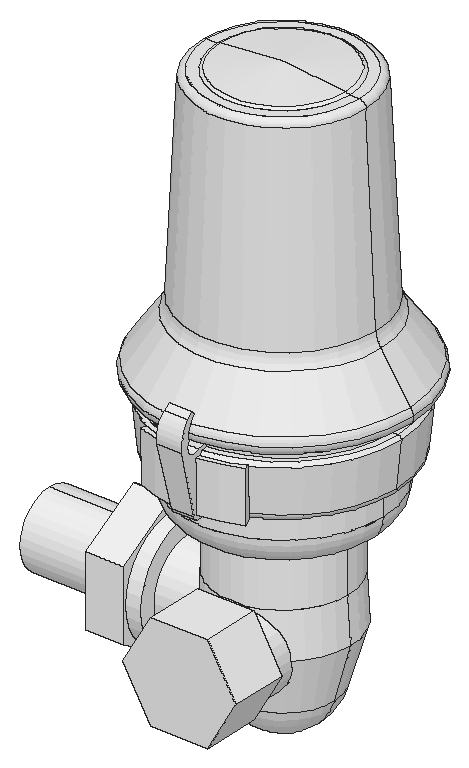
Revit family "1RA-DV_Double Angle_Right_DN10-15_RAW_RFA", category Pipe Accessories, Revit 2019
Family settings
  Round Connector Dimension = Use Diameter
  Part Type = Valve - Breaks Into
  OmniClass Number = 23.65.55.14.17
  OmniClass Title = Adjusting/Controlling Valves for Liquid Services
  Work Plane-Based = No
  Always vertical = Yes
  Cut with Voids When Loaded = No
  Shared = No
Parameters (values of type "RA-DV_Double Angle_Right_DN10_RAW_013G7717")
  Weight = 0.28 kg
  WB = 32.02 mm
  W [instance] = 61.02 mm
  Valve Body Material = Danfoss Nickel Plated Brass
  URL = "https://store.danfoss.com/en/Climate-Solutions-for-heating/Radiator-Thermostats/Radiator-Valves/Build-on-valves/c/6148?q=%3Arelevance%3Adanfoss_producttypehierarchydesc%3A5e0f6a1c7ba194dddd1f6958eb9630b89b1225a0&page=0&pageSize=20"
  TH8 = 3.85 mm
  TH7 = 3.75 mm
  TH6 = 13.324 mm
  TH5 = 1.826 mm
  TH4 = 7.354 mm
  TH3 = 6.008 mm
  TH2 = 5 mm
  TH1 = 9.942 mm
  Setting Range = "1-7,N"  # constant formula
  SA2 = 27 mm
  SA1 = 33.3 mm
  RT5 = 14.5 mm
  RT1 = 15.024 mm
  RR8 = 1 mm
  RR6 = 9.95 mm
  RR5 = 8.25 mm
  RR4 = 11.425 mm
  RR1 = 10.3 mm
  RR7 = 5.774 mm
  RL4 = 8.3 mm
  RL2 = 13.2 mm
  RL1 = 9.75 mm
  RB2 = 12.006 mm
  RB1 = 11.5 mm
  Pressure Drop [instance] = 0.0 Pa
  Model Type = "RA-DV_Double Angle_Right_DN10_RAW"
  Model = "013G7717"
  Min Working Temperature = "2° C"  # constant formula
  Min Flow = "8 l/h"  # constant formula
  Min Differential Pressure = "0.1 bar"  # constant formula
  Max Working Temperature = "95° C"  # constant formula
  Max Operating Pressure = "10 bar"  # constant formula
  Max Flow = "110 l/h"  # constant formula
  Max Differential Pressure = "0.6 bar"  # constant formula
  Manufacturer = "Danfoss"  # constant formula
  LR2 = 13.033 mm
  LR1 = 15.967 mm
  LOD 350 = not(LOD 200)  # yes
  LOD 200 = no
  LL4 = 18.8 mm
  LL3 = 8.5 mm
  LL2 = 3.6 mm
  LL1 = 21.2 mm
  L [instance] = 81.1 mm
  IfcExportType = "RA-DV"  # constant formula
  IfcExportAs = "IfcValveType"  # constant formula
  HexR2 = 12.5 mm
  HexR1 = 15.6 mm
  Hex2 = 21.7 mm
  Hex = 27 mm
  H [instance] = 132.954 mm
  Flow [instance] = 0.0 L/s
  Description = "Thermostatic Radiator Valve"  # constant formula
  D = 10 mm
  BH2 = 8.731 mm
  BH1 = 12.273 mm
  Application = "2-Pipe System"  # constant formula
Types (3, lengths in mm): name | Weight | WB | W | SA2 | SA1 | RL4 | RL2 | RL1 | Model Type | Model | LR2 | LR1 | LL4 | LL3 | LL2 | LL1 | L | HexR2 | HexR1 | Hex2 | Hex | D
  (no name) | 0.28 kg | 32.02 | 61.02 | 27 | 33.3 | 8.3 | 13.2 | 9.75 | "RA-DV_Double Angle_Right_DN10_RAW" | "013G7717" | 13.033 | 15.967 | 18.8 | 8.5 | 3.6 | 21.2 | 81.1 | 12.5 | 15.6 | 21.7 | 27 | 10
  RA-DV_Double Angle_Right_DN10_RAW_013G7717 | 0.28 kg | 32.02 | 61.02 | 27 | 33.3 | 8.3 | 13.2 | 9.75 | "RA-DV_Double Angle_Right_DN10_RAW" | "013G7717" | 13.033 | 15.967 | 18.8 | 8.5 | 3.6 | 21.2 | 81.1 | 12.5 | 15.6 | 21.7 | 27 | 10
  RA-DV_Double Angle_Right_DN15_RAW_013G7719 | 0.33 kg | 33 | 62 | 33 | 36.7 | 10.5 | 14.8 | 11.3 | "RA-DV_Double Angle_Right_DN15_RAW" | "013G7719" | 15 | 18 | 21.2 | 10 | 3.7 | 23 | 86.9 | 15.4 | 17.3 | 26.7 | 30 | 15
Reference planes
  plane 1 "Center (Front/Back)": y = 0
  plane 2: z = 0
  plane 3 "Center (Left/Right)": x = 0
  plane 4: x = -52.1
  plane 5: y = -29
  plane 6: z = 51.054
  plane 7: z = -21.004
  plane 8: x = -33.3
  plane 9 "left": x = -24.8
  plane 10: x = -21.2
  plane 11 "right": y = -15.967
  plane 12: z = 47.204
  plane 13: z = 43.454
  plane 14: z = 30.13
  plane 15: z = 28.304
  plane 16 "top": z = 20.95
  plane 17: z = 14.942
  plane 18: z = 9.942
  plane 19: z = -12.273
  plane 20 "Center L/S": z = 111.95
  plane 21: y = 29
  plane 22: x = 29
  plane 23: y = -32.02
Forms (mm)
  Revolve 1, solid, material "Danfoss Nickel Plated Brass" <- "Valve Body Material", detail levels fine
    sketch origin (0, 0, 0) x (1, 0, 0) y (0, 0, 1)
      loop
        line (-52.1, 8.3) -> (-52.1, 0) -> (-24.8, 0) -> (-24.8, 8.3) -> (-52.1, 8.3)
      axis (-24.8, 0) -> (-52.1, 0)
    angle from 0 to 360
  Revolve 2, solid, material "Danfoss Nickel Plated Brass" <- "Valve Body Material", visible <- "LOD 350", detail levels fine
    sketch origin (0, 0, 0) x (1, 0, 0) y (0, 0, 1)
      loop
        line (-24.8, 13.2) -> (-24.8, 0) -> (-21.2, 0) -> (-21.2, 13.2) -> (-24.8, 13.2)
      axis (-21.2, 0) -> (-24.8, 0)
    angle from 0 to 360
  Revolve 3, solid, material "Danfoss Nickel Plated Brass" <- "Valve Body Material", visible <- "LOD 200", detail levels fine
    sketch origin (0, 0, 0) x (1, 0, 0) y (0, 0, 1)
      loop
        line (-33.3, 15.6) -> (-33.3, 0) -> (-24.8, 0) -> (-24.8, 15.6) -> (-33.3, 15.6)
      axis (-24.8, 0) -> (-33.3, 0)
    angle from 0 to 360
  Revolve 4, solid, material "Danfoss Nickel Plated Brass" <- "Valve Body Material", detail levels fine
    sketch origin (0, 0, 0) x (1, 0, 0) y (0, 0, 1)
      loop
        line (-24.8, 0) -> (0, 0) -> (0, 9.75) -> (-24.8, 9.75) -> (-24.8, 0)
      axis (0, 0) -> (-24.8, 0)
    angle from 0 to 360
  Revolve 5, solid, material "Danfoss Nickel Plated Brass" <- "Valve Body Material", detail levels fine
    sketch origin (0, 0, 0) x (1, 0, 0) y (0, 0, 1)
      loop
        line (0, 20.95) -> (0, -21.004)
        arc (0, -21.004) -> (7.209, -18.561) -> (11.5, -12.273) r 12.006
        line (11.5, -12.273) -> (15.024, 0) -> (14.5, 10) -> (14.5, 20.95) -> (0, 20.95)
      axis (0, -21.004) -> (0, 20.95)
    angle from 0 to 360
  Revolve 6, solid, material "Danfoss Nickel Plated Brass" <- "Valve Body Material", detail levels fine
    sketch origin (0, 0, 0) x (0, 1, 0) y (0, 0, 1)
      loop
        line (0, 10.3) -> (-15.967, 10.3) -> (-15.967, 0) -> (0, 0) -> (0, 10.3)
      axis (0, 0) -> (-15.967, 0)
    angle from 0 to 360
  Revolve 7, solid, material "Danfoss Nickel Plated Brass" <- "Valve Body Material", visible <- "LOD 200", detail levels fine
    sketch origin (0, 0, 0) x (0, 1, 0) y (0, 0, 1)
      loop
        line (-15.967, 12.5) -> (-29, 12.5) -> (-29, 0) -> (-15.967, 0) -> (-15.967, 12.5)
      axis (-15.967, 0) -> (-29, 0)
    angle from 0 to 360
  Revolve 8, solid, material "Danfoss Brass", detail levels fine
    sketch origin (0, 0, 0) x (1, 0, 0) y (0, 0, 1)
      loop
        line (0, 20.95) -> (11.425, 20.95) -> (11.425, 28.304) -> (8.25, 28.304) -> (8.25, 30.13) -> (9.95, 30.13) -> (9.95, 43.454) -> (5.774, 43.454) -> (5.774, 47.204) -> (1, 47.204) -> (1, 51.054) -> (0, 51.054) -> (0, 20.95)
      axis (0, 20.95) -> (0, 51.054)
    angle from 0 to 360
  Extrusion 9, solid, material "Danfoss Nickel Plated Brass" <- "Valve Body Material", visible <- "LOD 350", detail levels fine
    sketch origin (0, 0, 0) x (1, 0, 0) y (0, 0, 1)
      loop
        line (0, 0) -> (-24.8, 0) -> (-24.8, -0.957) -> (-10.199, -17.458)
        arc (-10.199, -17.458) -> (-6.04, -20.166) -> (-1.141, -20.959) r 12
        line (-1.141, -20.959) -> (0, -20.959) -> (0, 0)
    from -2 to 2
  Revolve 10, solid, material "Danfoss Nickel Plated Brass" <- "Valve Body Material", visible <- "LOD 200", detail levels fine
    sketch origin (0, 0, 0) x (1, 0, 0) y (0, 0, 1)
      loop
        line (0, 20.95) -> (0, -21.004)
        arc (0, -21.004) -> (10.624, -16.604) -> (15.024, -5.98) r 15.024
        line (15.024, -5.98) -> (15.024, 20.95) -> (0, 20.95)
      axis (0, 20.95) -> (0, -21.004)
    angle from 0 to 360
Dimensions and locks
  plane 6 to plane 7 = 72.058 mm
  "LR1": plane 1 "Center (Front/Back)" to plane 11 "right"
  "LR2": plane 11 "right" to plane 5
  "LL1": plane 3 "Center (Left/Right)" to plane 10
  "LL2": plane 10 to plane 9 "left"
  "LL3": plane 9 "left" to plane 8
  "LL4": plane 8 to plane 4
  "RL4": Revolve 1 sketch curve to level
  "RL2": Revolve 2 sketch curve to level
  "HexR1": Revolve 3 sketch curve to level
  "RL1": Revolve 4 sketch curve to level
  "TH1": plane 18 to level
  "TH2": plane 17 to plane 18
  "TH3": plane 16 "top" to plane 17
  "TH4": plane 15 to plane 16 "top"
  "TH5": plane 14 to plane 15
  "TH6": plane 13 to plane 14
  "TH7": plane 12 to plane 13
  "TH8": plane 6 to plane 12
  "BH1": level to plane 19
  "BH2": plane 19 to plane 7
  "RT5": Revolve 5 sketch curve to plane 3 "Center (Left/Right)"
  "RT1": Revolve 5 sketch curve to plane 3 "Center (Left/Right)"
  "RB1": Revolve 5 sketch curve to plane 3 "Center (Left/Right)"
  "RR1": Revolve 6 sketch curve to level
  "HexR2": Revolve 7 sketch curve to level
  "RR8": Revolve 8 sketch curve to plane 3 "Center (Left/Right)"
  "RR7": Revolve 8 sketch curve to plane 3 "Center (Left/Right)"
  "RR6": Revolve 8 sketch curve to plane 3 "Center (Left/Right)"
  "RR5": Revolve 8 sketch curve to plane 3 "Center (Left/Right)"
  "RR4": Revolve 8 sketch curve to plane 3 "Center (Left/Right)"
  locked: plane 20 "Center L/S" to plane 16 "top" at 91
  "H": plane 20 "Center L/S" to plane 7
  locked: plane 3 "Center (Left/Right)" to plane 22 at 29
  locked: plane 1 "Center (Front/Back)" to plane 21 at 29
  "RT1": Revolve 10 sketch curve to plane 7
  "RT1": Revolve 10 sketch curve to plane 3 "Center (Left/Right)"
  "L": plane 22 to plane 4
  "WB": plane 23 to plane 1 "Center (Front/Back)"
  "W": plane 21 to plane 23
  "RB2": radius of Revolve 5 sketch curve
  "RT1": radius of Revolve 10 sketch curve
  aligned and locked: level to plane 2
  aligned and locked: plane 4 to Revolve 1 sketch curve
  aligned and locked: level to Revolve 1 sketch curve
  aligned and locked: plane 2 to Revolve 1 sketch curve
  aligned and locked: plane 9 "left" to Revolve 2 sketch curve
  aligned and locked: Revolve 2 sketch curve to plane 10
  aligned and locked: level to Revolve 2 sketch curve
  aligned and locked: plane 2 to Revolve 2 sketch curve
  aligned and locked: plane 8 to Revolve 3 sketch curve
  aligned and locked: Revolve 3 sketch curve to plane 9 "left"
  aligned and locked: level to Revolve 3 sketch curve
  aligned and locked: plane 2 to Revolve 3 sketch curve
  aligned and locked: plane 3 "Center (Left/Right)" to Revolve 4 sketch curve
  aligned and locked: Revolve 4 sketch curve to level
  aligned and locked: plane 2 to Revolve 4 sketch curve
  aligned and locked: Revolve 4 sketch curve to plane 9 "left"
  aligned and locked: Revolve 1 sketch curve to plane 9 "left"
  aligned and locked: plane 3 "Center (Left/Right)" to Revolve 5 sketch curve
  aligned and locked: Revolve 5 sketch curve to plane 3 "Center (Left/Right)"
  aligned and locked: plane 16 "top" to Revolve 5 sketch curve
  aligned and locked: plane 11 "right" to Revolve 6 sketch curve
  aligned and locked: plane 1 "Center (Front/Back)" to Revolve 6 sketch curve
  aligned and locked: level to Revolve 6 sketch curve  (x2)
  aligned and locked: plane 5 to Revolve 7 sketch curve
  aligned and locked: Revolve 7 sketch curve to plane 11 "right"
  aligned and locked: level to Revolve 7 sketch curve  (x2)
  aligned and locked: level to nested 1
  aligned and locked: level to nested 2
  aligned and locked: nested 2 to Revolve 4
  aligned and locked: plane 1 "Center (Front/Back)" to nested 1
  aligned and locked: plane 3 "Center (Left/Right)" to Revolve 8 sketch curve
  aligned and locked: Revolve 8 sketch curve to plane 6
  aligned and locked: Revolve 8 sketch curve to plane 12
  aligned and locked: Revolve 8 sketch curve to plane 13
  aligned and locked: Revolve 8 sketch curve to plane 14
  aligned and locked: Revolve 8 sketch curve to plane 15
  aligned and locked: Revolve 8 sketch curve to plane 16 "top"
  aligned and locked: plane 3 "Center (Left/Right)" to nested 3
  aligned and locked: plane 1 "Center (Front/Back)" to nested 3
  aligned and locked: Extrusion 9 sketch curve to plane 3 "Center (Left/Right)"
  aligned and locked: Extrusion 9 sketch curve to level
  aligned and locked: Extrusion 9 sketch curve to plane 9 "left"
  aligned and locked: plane 3 "Center (Left/Right)" to nested 4
  aligned and locked: plane 1 "Center (Front/Back)" to nested 4
  aligned and locked: Revolve 10 sketch curve to plane 3 "Center (Left/Right)"
  aligned and locked: Revolve 10 sketch curve to plane 16 "top"
  aligned and locked: nested 2 to Revolve 10 sketch curve
Automatic sketch dimensions
  plane 7 to Extrusion 9 sketch curve = 3.546 mm
  Extrusion 9 sketch curve to plane 3 "Center (Left/Right)" = 1.713 mm
  plane 19 to Extrusion 9 sketch curve = 3.3 mm
  Extrusion 9 sketch curve to level = 0.957 mm
  plane 7 to Extrusion 9 sketch curve = 0.045 mm
  Extrusion 9 sketch curve to plane 3 "Center (Left/Right)" = 1.141 mm
  Revolve 1 sketch curve to plane 4 = 35 mm
  Revolve 1 sketch curve to Revolve 1 sketch curve = 5 mm
  Revolve 2 sketch curve to plane 4 = 9.577 mm
  Revolve 2 sketch curve to Revolve 2 sketch curve = 5 mm
  Revolve 3 sketch curve to plane 4 = 12.192 mm
  Revolve 3 sketch curve to Revolve 3 sketch curve = 3.606 mm
  Revolve 4 sketch curve to plane 4 = 54.1 mm
  Revolve 4 sketch curve to Revolve 4 sketch curve = 6.623 mm
  Revolve 5 sketch curve to plane 7 = 0 mm
  Revolve 5 sketch curve to plane 19 = 0 mm
  level to Revolve 5 sketch curve = 0 mm
  plane 18 to Revolve 5 sketch curve = 0.058 mm
  plane 6 to Revolve 5 sketch curve = 25 mm
  Revolve 5 sketch curve to Revolve 5 sketch curve = 10 mm
  plane 21 to Revolve 6 sketch curve = 3.781 mm
  Revolve 6 sketch curve to Revolve 6 sketch curve = 5 mm
  Revolve 7 sketch curve to plane 23 = 10.746 mm
  Revolve 7 sketch curve to Revolve 7 sketch curve = 5 mm
  Revolve 8 sketch curve to plane 3 "Center (Left/Right)" = 0 mm
  Revolve 8 sketch curve to Revolve 8 sketch curve = 5 mm
  Revolve 8 sketch curve to Revolve 8 sketch curve = 3.788 mm
  Revolve 10 sketch curve to plane 7 = 4.595 mm
  Revolve 10 sketch curve to Revolve 10 sketch curve = 10 mm
Nested families
  nested 1: "Hexagon" at (-24.8, 0, 0) x (0, 0, 1) z (-1, 0, 0), h <- "LL3", a <- "Hex", visible <- "LOD 350", Body Material <- "Valve Body Material", type "Hexagon"
    with h 8.5 mm, b 13.5 mm, a 27 mm, Body Material Danfoss Nickel Plated Brass
  nested 2: "Hexagon" at (0, -15.967, 0) x (-1, 0, 0) z (0, -1, 0), h <- "LR2", a <- "Hex2", visible <- "LOD 350", Body Material <- "Valve Body Material", type "Hexagon"
    with h 13.033 mm, b 10.85 mm, a 21.7 mm, Body Material Danfoss Nickel Plated Brass
  nested 3: "RAW_RFA" at (0, 0, 20.95), type "RAW"
    with LOD 350 yes, LOD 200 no
  nested 4: "Double Angle Schematic" at (0, 0, 0), a <- "SA1", b <- "SA1", a' <- "SA2", l <- "SA1", type "Left"
    with l 33.3 mm, b 33.3 mm, a2 16.65 mm, a' 27 mm, a 33.3 mm
Connectors
  piping at (-33.3, 0, 0), diameter 10, driven by "D", driven by "Flow"
    settings: on nested 1, index 1, connector inside diameter 609.6 mm, connector length 0 mm, flow factor 0, pipe flow 0.0 L/s, pressure drop 0.0 Pa, fitting loss kfactor 0, connector angle 0.00°, fixture units 0, engagement length 0 mm, angle of deflection 0.00°, flow configuration 0, flow direction 0, fitting loss method 0, system type 29, joint type 0, gender type 0, connector reference index 2, connector utility 0, adjustable connector no, is connector primary yes, connector description ""
  piping at (0, -29, 0), diameter 10, driven by "D", driven by "Flow"
    settings: on nested 2, index 2, connector inside diameter 609.6 mm, connector length 0 mm, flow factor 0, pipe flow 0.0 L/s, pressure drop 0.0 Pa, fitting loss kfactor 0, connector angle 0.00°, fixture units 0, engagement length 0 mm, angle of deflection 0.00°, flow configuration 0, flow direction 0, fitting loss method 0, system type 29, joint type 0, gender type 0, connector reference index 1, connector utility 0, adjustable connector no, is connector primary no, connector description ""
Definition of nested family "Hexagon"
  Parameters (values of type "Hexagon")
    h [instance] = 4 mm
    b [instance] = a / 2  # 10 mm
    a [instance] = 20 mm
    Default Elevation = 1219.2 mm
    Body Material [instance] = none
  Reference planes
    plane 1 "Center (Front/Back)": y = 0
    plane 2: z = 0
    plane 3 "Center (Left/Right)": x = 0
    plane 4: z = 4
  Forms (mm)
    Extrusion 1, solid
      sketch origin (0, 0, 0) x (1, 0, 0) y (0, 1, 0)
        loop
          line (-1219.2, 1219.2) -> (-1219.2, -1219.2) -> (1219.2, -1219.2) -> (1219.2, 1219.2) -> (-1219.2, 1219.2)
      from 0 to -304.8
    Extrusion 2, solid, material <- "Body Material", detail levels fine
      sketch origin (0, 0, 0) x (1, 0, 0) y (0, 1, 0)
        loop
          line (5.774, 10) -> (-5.774, 10) -> (-11.547, 0) -> (-5.774, -10) -> (5.774, -10) -> (11.547, 0) -> (5.774, 10)
      from 0 to 4
  Lines and regions (mm)
    reference lines
      curve 1: line (125, -216.506, 0) -> (-125, 216.506, 0)
      curve 2: line (-125, -216.506, 0) -> (125, 216.506, 0)
  Dimensions and locks
    "h": plane 4 to level
    "b": curve 1 to Extrusion 2 sketch curve
    "b": Extrusion 2 sketch curve to curve 1
    "b": Extrusion 2 sketch curve to curve 2  (x2)
    "b": plane 1 "Center (Front/Back)" to Extrusion 2 sketch curve
    "b": Extrusion 2 sketch curve to plane 1 "Center (Front/Back)"
    aligned and locked: plane 2 to Extrusion 1
    aligned and locked: level to Extrusion 1
    aligned and locked: plane 4 to Extrusion 2
  Automatic sketch dimensions
    Extrusion 1 sketch curve to Extrusion 1 sketch curve = 2438.4 mm  (x2)
    curve 1 to plane 3 "Center (Left/Right)" = 125 mm
    plane 1 "Center (Front/Back)" to curve 2 = 216.506 mm
    curve 2 to plane 3 "Center (Left/Right)" = 125 mm
    plane 3 "Center (Left/Right)" to curve 2 = 125 mm
    plane 3 "Center (Left/Right)" to curve 1 = 125 mm
    plane 1 "Center (Front/Back)" to curve 1 = 216.506 mm
    curve 2 to plane 1 "Center (Front/Back)" = 216.506 mm
    curve 1 to plane 1 "Center (Front/Back)" = 216.506 mm
Definition of nested family "RAW_RFA"
  Parameters (values of type "RAW")
    Weight = 0.13 kg
    Valve Body Material = none
    URL = "https://store.danfoss.com/en/Climate-Solutions-for-heating/Radiator-Thermostats/Radiator-Sensors/Room-sensor-mTRV/c/6177?q=%3Arelevance%3Adanfoss_producttypehierarchydesc%3A201115c33653b28be0592795d2e896045ed3bb74&page=0&pageSize=10"
    Model Type = "RAW"  # constant formula
    Manufacturer = "Danfoss"  # constant formula
    LOD 350 [instance] = not(LOD 200)  # no
    LOD 200 [instance] = yes
    IfcExportType = "RAW"  # constant formula
    IfcExportAs = "IfcActuatorType"  # constant formula
    Description = "Radiator Sensor"  # constant formula
    Default Elevation = 0 mm
    Application = "Liquid Sensor"  # constant formula
  Reference planes
    plane 1 "Center (Front/Back)": y = 0
    plane 2: z = 0
    plane 3 "Center (Left/Right)": x = 0
    plane 4: x = -22.432
    plane 5: x = 22.432
  Forms (mm)
    Extrusion 1, solid
      sketch origin (0, 0, 0) x (1, 0, 0) y (0, 1, 0)
        loop
          line (-1219.2, 1219.2) -> (-1219.2, -1219.2) -> (1219.2, -1219.2) -> (1219.2, 1219.2) -> (-1219.2, 1219.2)
      from 0 to -304.8
    Revolve 2, solid, material <- "Valve Body Material", visible <- "LOD 350", detail levels fine
      sketch origin (0, 0, 0) x (1, 0, 0) y (0, 0, 1)
        loop
          line (-17.5, 1) -> (-13.65, 1) -> (-13.025, 0) -> (0, 0) -> (0, 90.667)
          arc (0, 90.667) -> (-7.022, 90.366) -> (-13.992, 89.465) r 82.007
          arc (-13.992, 89.465) -> (-14.414, 89.328) -> (-14.777, 89.074) r 1.5
          line (-14.777, 89.074) -> (-17.024, 89.074)
          arc (-17.024, 89.074) -> (-18.058, 88.661) -> (-18.522, 87.65) r 1.5
          line (-18.522, 87.65) -> (-20.73, 44.074)
          arc (-20.73, 44.074) -> (-21.047, 42.429) -> (-21.807, 40.936) r 6
          line (-21.807, 40.936) -> (-28.457, 31.439)
          arc (-28.457, 31.439) -> (-28.861, 30.62) -> (-29, 29.718) r 3
          arc (-29, 29.718) -> (-28.705, 28.618) -> (-27.9, 27.813) r 2.2
          line (-27.9, 27.813) -> (-26.188, 26.824) -> (-24.335, 26.824) -> (-24.335, 25.024) -> (-25.75, 25.024) -> (-26.495, 24.279) -> (-25.432, 14.168)
          arc (-25.432, 14.168) -> (-24.944, 13.21) -> (-23.941, 12.824) r 1.5
          line (-23.941, 12.824) -> (-22.5, 12.824) -> (-22.5, 7.5)
          arc (-22.5, 7.5) -> (-21.051, 3.441) -> (-17.5, 1) r 7
        axis (0, 0) -> (0, 90.667)
      angle from 0 to 360
    Revolve 3, solid, material <- "Valve Body Material", visible <- "LOD 200", detail levels fine
      sketch origin (0, 0, 0) x (1, 0, 0) y (0, 0, 1)
        loop
          line (-17.5, 1) -> (-13.65, 1) -> (-13.025, 0) -> (0, 0) -> (0, 90.665) -> (-18.468, 88.724) -> (-20.817, 42.35) -> (-28.457, 31.439) -> (-28.457, 28.271) -> (-24.356, 26.824) -> (-24.356, 7.856) -> (-17.5, 1)
        axis (0, 0) -> (0, 90.665)
      angle from 0 to 360
    Revolve 4, solid, material <- "Valve Body Material", visible <- "LOD 350", detail levels fine
      sketch origin (0, 0, 0) x (1, 0, 0) y (0, 0, 1)
        loop
          line (28.232, 12.689) -> (31.842, 27.031)
          arc (31.842, 27.031) -> (31.751, 30.259) -> (30, 32.972) r 6
          line (30, 32.972) -> (28.769, 34.063) -> (28.08, 33.374) -> (29.083, 32.111)
          arc (29.083, 32.111) -> (29.858, 30.477) -> (29.834, 28.669) r 4
          arc (29.834, 28.669) -> (29.511, 25.82) -> (26.647, 25.686) r 2.211
          line (26.647, 25.686) -> (23.5, 25.686) -> (23.5, 11.574) -> (26.803, 11.574)
          arc (26.803, 11.574) -> (27.709, 11.886) -> (28.232, 12.689) r 1.474
        axis (0, 11.574) -> (0, 34.063)
      angle from 265 to 275
    Revolve 5, solid, material <- "Valve Body Material", visible <- "LOD 350", detail levels fine
      sketch origin (0, 0, 0) x (1, 0, 0) y (0, 0, 1)
        loop
          line (23.5, 12.824) -> (27.481, 12.824) -> (27.683, 24.324) -> (23.5, 24.324) -> (23.5, 12.824)
        axis (0, 12.824) -> (0, 24.324)
      angle from 245 to 295
  Cuts and joins
    joined: Revolve 2, Revolve 5
  Dimensions and locks
    aligned and locked: plane 2 to Extrusion 1
    aligned and locked: level to Extrusion 1
    aligned and locked: plane 3 "Center (Left/Right)" to Revolve 2 sketch curve
Definition of nested family "Double Angle Schematic"
  Parameters (values of type "Left")
    l [instance] = 60 mm
    b [instance] = 70 mm
    a2 [instance] = b / 2  # 35 mm
    a' [instance] = 60 mm
    a [instance] = 60 mm
    Right = no
    Left = yes
  Types (3, lengths in mm): name | b | a2 | Right | Left
    (no name) | 70 | 35 | no | yes
    Right | 60 | 30 | yes | no
    Left | 70 | 35 | no | yes
  Reference planes
    plane 1 "Center (Front/Back)": y = 0
    plane 2: z = 0
    plane 3 "Center (Left/Right)": x = 0
    plane 4: z = -35
  Lines and regions (mm)
    symbolic lines
      curve 1: line (0, 0, -35) -> (0, 0, 0)
  Dimensions and locks
    "a2": level to plane 4
    aligned and locked: level to plane 2
    aligned and locked: nested 3 to plane 3 "Center (Left/Right)"
    aligned and locked: plane 3 "Center (Left/Right)" to nested 1
    aligned and locked: nested 2 to plane 3 "Center (Left/Right)"
    aligned and locked: nested 2 to plane 1 "Center (Front/Back)"
    aligned and locked: plane 3 "Center (Left/Right)" to nested 4
    aligned and locked: plane 1 "Center (Front/Back)" to nested 4
    aligned and locked: plane 3 "Center (Left/Right)" to nested 5
    aligned and locked: level to nested 5
    aligned and locked: level to nested 7
    aligned and locked: plane 1 "Center (Front/Back)" to nested 7
    aligned and locked: plane 3 "Center (Left/Right)" to curve 1
    aligned and locked: plane 2 to curve 1
    aligned and locked: plane 4 to curve 1
  Nested families
    nested 1: "Schematic_2" at (0, 0, 0) x (0, 1, 0) z (0, 0, 1), a <- "a", b <- "b", visible <- "Left", type "Schematic_2"
      with plan on/off yes, elevation on/off no, b 70 mm, a 60 mm
    nested 2: "Schematic_2" at (0, 0, 0) x (-1, 0, 0) z (0, 0, 1), a <- "a'", b <- "b", type "Schematic_2"
      with plan on/off yes, elevation on/off no, b 70 mm, a 60 mm
    nested 3: "Schematic_2" at (0, 0, 0) x (0, -1, 0) z (0, 0, 1), a <- "a", b <- "b", visible <- "Right", type "Schematic_2"
      with plan on/off yes, elevation on/off no, b 70 mm, a 60 mm
    nested 4: "Schematic_1" at (0, 0, 0), a <- "a", b <- "l", type "Schematic_1"
      with b 60 mm, a 60 mm, Plan no, Elevation yes
    nested 5: "Schematic_2" at (0, 0, 0) x (0, 0, 1) z (0, -1, 0), a <- "a'", b <- "b", type "Schematic_2"
      with plan on/off no, elevation on/off yes, b 70 mm, a 60 mm
    nested 6: "Schematic_2" at (0, 0, 0) x (0, 0, -1) z (1, 0, 0), a <- "a", b <- "b", visible <- "Right", type "Schematic_2"
      with plan on/off no, elevation on/off yes, b 70 mm, a 60 mm
    nested 7: "Schematic_2" at (0, 0, 0) x (0, 0, 1) z (-1, 0, 0), a <- "a", b <- "b", visible <- "Left", type "Schematic_2"
      with plan on/off no, elevation on/off yes, b 70 mm, a 60 mm
  Definition of nested family "Schematic_2"
    Parameters (values of type "Schematic_2")
      plan on/off [instance] = yes
      elevation on/off [instance] = yes
      b [instance] = 80 mm
      a [instance] = 80 mm
      Default Elevation = 1219.2 mm
    Reference planes
      plane 1 "Center (Front/Back)": y = 0
      plane 2: z = 0
      plane 3 "Center (Left/Right)": x = 0
      plane 4: y = 80
      plane 5: x = -40
      plane 6: x = 40
      plane 7: z = 80
    Lines and regions (mm)
      symbolic lines, visible <- "plan on/off", detail levels coarse+medium
        curve 1: line (-40, 80, 0) -> (40, 80, 0)
        curve 2: line (40, 80, 0) -> (0, 0, 0)
        curve 3: line (0, 0, 0) -> (-40, 80, 0)
      model lines, visible <- "elevation on/off", detail levels coarse+medium
        curve 4: line (-40, 0, 80) -> (40, 0, 80)
        curve 5: line (40, 0, 80) -> (0, 0, 0)
        curve 6: line (0, 0, 0) -> (-40, 0, 80)
    Dimensions and locks
      equal spacing: plane 5, plane 3 "Center (Left/Right)", plane 6
      "b": plane 5 to plane 6
      "a": plane 4 to plane 1 "Center (Front/Back)"
      "a": plane 7 to level
      aligned and locked: level to plane 2
    Automatic sketch dimensions
      curve 3 to plane 5 = 0 mm
      curve 1 to plane 4 = 0 mm
      plane 1 "Center (Front/Back)" to curve 2 = 0 mm
      curve 2 to plane 3 "Center (Left/Right)" = 0 mm
      curve 2 to plane 6 = 0 mm
      curve 6 to plane 5 = 0 mm
      curve 6 to level = 0 mm
      curve 6 to plane 3 "Center (Left/Right)" = 0 mm
      curve 5 to plane 6 = 0 mm
      curve 6 to plane 7 = 0 mm
  Definition of nested family "Schematic_1"
    Parameters (values of type "Schematic_1")
      b [instance] = 80 mm
      a [instance] = 100 mm
      Plan [instance] = yes
      Elevation [instance] = yes
      Default Elevation = 1219.2 mm
    Reference planes
      plane 1 "Center (Front/Back)": y = 0
      plane 2: z = 0
      plane 3 "Center (Left/Right)": x = 0
      plane 4: y = 80
      plane 5: x = -50
      plane 6: x = 50
      plane 7: y = 180
      plane 8: z = 80
      plane 9: z = 180
    Lines and regions (mm)
      symbolic lines, visible <- "Plan", detail levels coarse+medium
        curve 1: line (-50, 80, 0) -> (50, 80, 0)
        curve 2: line (-50, 180, 0) -> (-50, 80, 0)
        curve 3: line (50, 180, 0) -> (-50, 180, 0)
        curve 4: line (50, 80, 0) -> (50, 180, 0)
        curve 5: line (0, 80, 0) -> (0, 0, 0)
      model lines, visible <- "Elevation", detail levels coarse+medium
        curve 6: line (0, 0, 0) -> (0, 0, 80)
        curve 7: line (-50, 0, 180) -> (50, 0, 180)
        curve 8: line (-50, 0, 80) -> (-50, 0, 180)
        curve 9: line (50, 0, 80) -> (-50, 0, 80)
        curve 10: line (50, 0, 180) -> (50, 0, 80)
    Dimensions and locks
      equal spacing: plane 5, plane 3 "Center (Left/Right)", plane 6
      "b": plane 4 to plane 1 "Center (Front/Back)"
      "a": plane 5 to plane 6
      "a": plane 7 to plane 4
      "b": plane 8 to level
      "a": plane 9 to plane 8
      aligned and locked: level to plane 2
      aligned and locked: curve 7 to plane 9
      aligned and locked: plane 5 to curve 8
      aligned and locked: plane 8 to curve 9
      aligned and locked: curve 10 to plane 6
      aligned and locked: plane 3 "Center (Left/Right)" to curve 6
      aligned and locked: plane 8 to curve 6
      aligned and locked: level to curve 6
    Automatic sketch dimensions
      curve 5 to plane 3 "Center (Left/Right)" = 0 mm
      plane 1 "Center (Front/Back)" to curve 5 = 0 mm
      curve 1 to plane 4 = 0 mm
      curve 1 to plane 5 = 0 mm
      curve 4 to plane 6 = 0 mm
      curve 5 to plane 4 = 0 mm
      curve 4 to plane 7 = 0 mm
